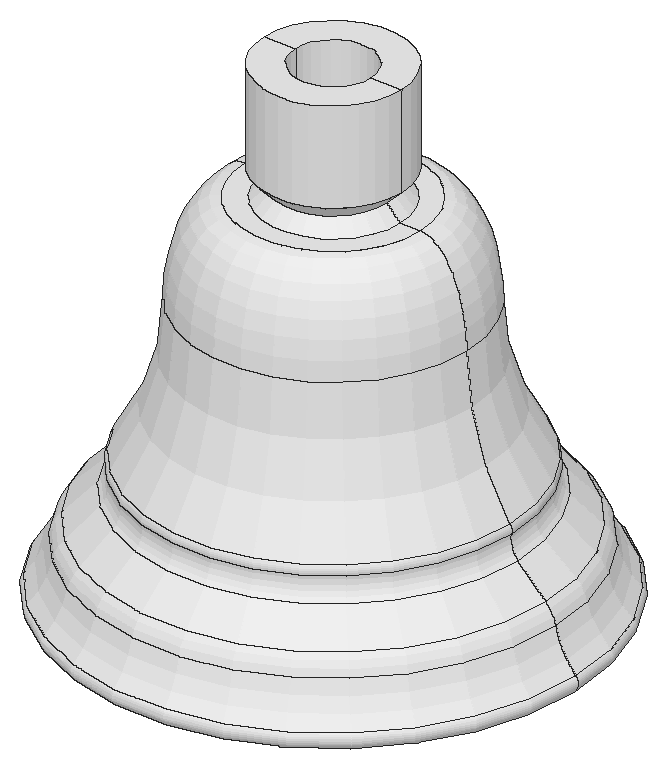
Revit family "Showerhead-American_Standard-FloWise-1660.111", category Plumbing Fixtures, Revit 2019
Family settings
  Round Connector Dimension = Use Diameter
  Part Type = Normal
  OmniClass Number = 23.45.05.14.17
  OmniClass Title = Showers
  Work Plane-Based = Yes
  Always vertical = No
  Cut with Voids When Loaded = No
  Shared = Yes
  Room Calculation Point = No
Parameters (values of type "1660.111.002")
  Waste Connection = no
  WFU = 4
  Vent Connection = no
  URL = "https://www.americanstandard-us.com/"
  Tempered Water Connection Diameter = 1/2"
  Tempered Water Connection = yes
  Revised Date = "07/25/2022"
  Product Page URL = "https://www.americanstandard-us.com/Showerheads/FloWise-3-1-4-in-15-GPM-Traditional-Water-Saving-Shower-Head/CHROME-1660111002"
  Product Documentation Link = "https://americanstandard.box.com/shared/static/6bys3s90e7z0uigtrhct9kcjhz9rb6sy.pdf"
  Price = "Prices may vary. Please consult Manufacturer Representative for most up-to-date price list."  # constant formula
  Optional 1660.242- Square Cast Shower Arm = no
  Optional 1660.241- Modern Shower Arm and Flange = no
  Optional 1660.240- Standard Shower Arm and Flange = no
  Model = "1660.111.002"
  Material = "Plastic-American Standard-002-Polished Chrome"
  Manufacturer = "American Standard"
  Length = 3 3/16"
  HWFU = 3
  HW Connection = no
  Flow Rate = "1.5 gpm"
  Finish = Plastic-American Standard-002-Polished Chrome
  Diameter = 3 1/4"
  Description = "FloWise 3-1/4-in. 1.5 GPM Traditional Water-Saving Shower Head"
  Default Elevation = 0"
  Compliance Certifications = "ASME A112.18.1, CSA 125, CUPC Green & EPA WaterSense Certified"
  CalGreen Compliant = yes
  CWFU = 3
  CW Connection = no
  CEC Compliant = yes
  Assembly Code = "D2010710"
Reference planes (in)
  plane 1 "Center (Front/Back)": y = 0
  plane 2: z = 0
  plane 3 "Center (Left/Right)": x = 0
  plane 4: x = -1.625
  plane 5: x = 1.625
  plane 6: z = 3.1875
Forms (in)
  Revolve 1, solid, material "Plastic-American Standard-002-Polished Chrome" <- "Finish"
    sketch origin (0, 0, 0) x (1, 0, 0) y (0, 0, 1)
      loop
        line (0, 1.49587) -> (0.34326, 1.49587) -> (0.34326, 0.11775) -> (1.24951, 0.11775) -> (1.24951, 0.2542) -> (1.31918, 0.2542) -> (1.36141, 0.09658)
        arc (1.36141, 0.09658) -> (1.40795, 0.02693) -> (1.48727, 0) r 0.1303
        line (1.48727, 0) -> (1.56842, 0)
        arc (1.56842, 0) -> (1.62109, 0.04195) -> (1.6078, 0.10796) r 0.06458
        arc (1.6078, 0.10796) -> (1.52517, 0.22471) -> (1.47564, 0.35888) r 0.5469
        arc (1.47564, 0.35888) -> (1.45126, 0.42301) -> (1.41004, 0.47785) r 0.24457
        line (1.41004, 0.47785) -> (1.2256, 0.66229)
        arc (1.2256, 0.66229) -> (1.18639, 0.72944) -> (1.18527, 0.8072) r 0.15297
        arc (1.18527, 0.8072) -> (1.18611, 0.83647) -> (1.17475, 0.86345) r 0.06901
        arc (1.17475, 0.86345) -> (0.95761, 1.30244) -> (0.88291, 1.78647) r 1.60558
        spline (0.88291, 1.78647) -> (0.88031, 1.86553) -> (0.87257, 1.94325) -> (0.85981, 2.01827) -> (0.84225, 2.08934) -> (0.82019, 2.15522) -> (0.79402, 2.21479) -> (0.76417, 2.26703) -> (0.73116, 2.31105) -> (0.69555, 2.34609) -> (0.65796, 2.37156) -> (0.61903, 2.38702) -> (0.57941, 2.3922)
        line (0.57941, 2.3922) -> (0.44303, 2.3922) -> (0.35528, 2.47996) -> (0.4547, 2.57938) -> (0.4547, 3.1875) -> (0.25, 3.1875) -> (0.25, 1.65283) -> (0, 1.65283) -> (0, 1.49587)
      axis (0, 3.1875) -> (0, 0)
    angle from 0 to 360
  Extrusion 2, solid, material "Plastic-American Standard-002-Polished Chrome" <- "Finish"
    sketch origin (0, 0, 0) x (1, 0, 0) y (0, 1, 0)
      loop
        arc (-0.04379, 0.0446) -> (-0.05413, 0.03125) -> (-0.06052, 0.01563) r 0.0625
        line (-0.06052, 0.01563) -> (-0.24951, 0.01563)
        arc (-0.24951, 0.01563) -> (-0.25, 0) -> (-0.24951, -0.01562) r 0.25
        line (-0.24951, -0.01562) -> (-0.06052, -0.01563)
        arc (-0.06052, -0.01563) -> (-0.05413, -0.03125) -> (-0.04379, -0.0446) r 0.0625
        line (-0.04379, -0.0446) -> (-0.13829, -0.20827)
        arc (-0.13829, -0.20827) -> (-0.125, -0.21651) -> (-0.11122, -0.2239) r 0.25
        line (-0.11122, -0.2239) -> (-0.01673, -0.06022)
        arc (-0.01673, -0.06022) -> (0, -0.0625) -> (0.01673, -0.06022) r 0.0625
        line (0.01673, -0.06022) -> (0.11122, -0.2239)
        arc (0.11122, -0.2239) -> (0.125, -0.21651) -> (0.13829, -0.20827) r 0.25
        line (0.13829, -0.20827) -> (0.04379, -0.0446)
        arc (0.04379, -0.0446) -> (0.05413, -0.03125) -> (0.06052, -0.01563) r 0.0625
        line (0.06052, -0.01563) -> (0.24951, -0.01563)
        arc (0.24951, -0.01563) -> (0.25, 0) -> (0.24951, 0.01562) r 0.25
        line (0.24951, 0.01562) -> (0.06052, 0.01562)
        arc (0.06052, 0.01562) -> (0.05413, 0.03125) -> (0.04379, 0.0446) r 0.0625
        line (0.04379, 0.0446) -> (0.13829, 0.20827)
        arc (0.13829, 0.20827) -> (0.125, 0.21651) -> (0.11122, 0.2239) r 0.25
        line (0.11122, 0.2239) -> (0.01673, 0.06022)
        arc (0.01673, 0.06022) -> (0, 0.0625) -> (-0.01673, 0.06022) r 0.0625
        line (-0.01673, 0.06022) -> (-0.11122, 0.2239)
        arc (-0.11122, 0.2239) -> (-0.125, 0.21651) -> (-0.13829, 0.20827) r 0.25
        line (-0.13829, 0.20827) -> (-0.04379, 0.0446)
    from 0.15233 to 1.49587
Lines and regions (in)
  Masking region 1
    outline origin (0, 0, 0) x (1, 0, 0) y (0, 1, 0)
      loop
        circle (0, 0) r 1.625
  symbolic lines, detail levels fine
    curve 1: circle (0, 0, 0) r 1.20931 normal (0, 0, -1)
    curve 5: arc (0.84449, 0, 0) -> (0, 0.84449, 0) -> (-0.84449, 0, 0) r 0.84449
    curve 6: arc (-0.84449, 0, 0) -> (0, -0.84449, 0) -> (0.84449, 0, 0) r 0.84449
  symbolic lines, detail levels medium+fine
    curve 2: arc (0.41032, 0, 0) -> (0, -0.41032, 0) -> (-0.41032, 0, 0) r 0.41032
    curve 3: arc (-0.41032, 0, 0) -> (0, 0.41032, 0) -> (0.41032, 0, 0) r 0.41032
    curve 4: arc (-0.25, 0, 0) -> (0, -0.25, 0) -> (0.25, 0, 0) r 0.25
Dimensions and locks (in)
  "Diameter": plane 5 to plane 4
  equal spacing: plane 5, plane 3 "Center (Left/Right)", plane 4
  "Length": plane 6 to level
  Extrusion 2 sketch curve to Extrusion 2 sketch curve to plane 1 "Center (Front/Back)" to Extrusion 2 sketch curve to Extrusion 2 sketch curve = 0" locked, 1/64" locked, 1/64" locked, 0" locked
  Extrusion 2 sketch curve to Extrusion 2 sketch curve to plane 3 "Center (Left/Right)" to Extrusion 2 sketch curve to Extrusion 2 sketch curve = 0" locked, 1/64" locked, 1/64" locked, 0" locked  (x2)
  aligned and locked: plane 1 "Center (Front/Back)" to Extrusion 2 sketch curve  (x12)
  aligned and locked: plane 3 "Center (Left/Right)" to Extrusion 2 sketch curve  (x12)
  aligned and locked: Revolve 1 sketch curve to plane 6
Automatic sketch dimensions
  Extrusion 2 sketch curve to Extrusion 2 sketch curve = 0"  (x3)
  Extrusion 2 sketch curve to Extrusion 2 sketch curve = 1/64"  (x4)
  Extrusion 2 sketch curve to plane 3 "Center (Left/Right)" = 0.01673"  (x2)
  Extrusion 2 sketch curve to Extrusion 2 sketch curve = 0.02706"  (x2)
  Extrusion 2 sketch curve to Extrusion 2 sketch curve = 0.11122"  (x3)
  Extrusion 2 sketch curve to plane 3 "Center (Left/Right)" = 0.11122"
  Extrusion 2 sketch curve to plane 3 "Center (Left/Right)" = 0.13829"
  Masking region 1 sketch curve to Masking region 1 sketch curve = 0"  (x2)
  plane 1 "Center (Front/Back)" to Masking region 1 sketch curve = 0"
  Masking region 1 sketch curve to plane 4 = 0"
  Masking region 1 sketch curve to plane 3 "Center (Left/Right)" = 0"
  Revolve 1 sketch curve to plane 3 "Center (Left/Right)" = 0"  (x2)
  Revolve 1 sketch curve to level = 0"
  plane 3 "Center (Left/Right)" to Revolve 1 sketch curve = 0.34326"
  plane 3 "Center (Left/Right)" to Revolve 1 sketch curve = 1/4"
  plane 3 "Center (Left/Right)" to Revolve 1 sketch curve = 0.35528"
  Revolve 1 sketch curve to Revolve 1 sketch curve = 0.08775"  (x2)
  Revolve 1 sketch curve to Revolve 1 sketch curve = 0.09942"
  Revolve 1 sketch curve to Revolve 1 sketch curve = 0.13638"
  plane 5 to Revolve 1 sketch curve = 0.50672"
  Revolve 1 sketch curve to Revolve 1 sketch curve = 0.10732"
  Revolve 1 sketch curve to Revolve 1 sketch curve = 0.0115"
  Revolve 1 sketch curve to Revolve 1 sketch curve = 0.01241"
  Revolve 1 sketch curve to Revolve 1 sketch curve = 0.06967"
  Revolve 1 sketch curve to Revolve 1 sketch curve = 0.10817"  (x2)
  level to Revolve 1 sketch curve = 0.09658"
  Revolve 1 sketch curve to Revolve 1 sketch curve = 0.1119"
  plane 5 to Revolve 1 sketch curve = 0.21496"
  level to Revolve 1 sketch curve = 0.1303"
  plane 5 to Revolve 1 sketch curve = 0.06458"
  plane 5 to Revolve 1 sketch curve = 0.05658"
  Revolve 1 sketch curve to plane 5 = 0.38406"
  Revolve 1 sketch curve to plane 5 = 0.86349"
  level to Revolve 1 sketch curve = 0.06408"
  level to Revolve 1 sketch curve = 0.11775"
  Revolve 1 sketch curve to Revolve 1 sketch curve = 0.13645"
  Revolve 1 sketch curve to Revolve 1 sketch curve = 0.05071"
  Revolve 1 sketch curve to Revolve 1 sketch curve = 0.22365"
  level to Revolve 1 sketch curve = 0.47957"
  Revolve 1 sketch curve to Revolve 1 sketch curve = 0.18444"
  Revolve 1 sketch curve to Revolve 1 sketch curve = 0.16149"
  Revolve 1 sketch curve to Revolve 1 sketch curve = 0.6721"
  Revolve 1 sketch curve to Revolve 1 sketch curve = 0.15696"
  Revolve 1 sketch curve to Revolve 1 sketch curve = 1.3069"
  Revolve 1 sketch curve to Revolve 1 sketch curve = 0.60573"
  Revolve 1 sketch curve to Revolve 1 sketch curve = 0.3035"
  Revolve 1 sketch curve to Revolve 1 sketch curve = 0"  (x2)
  Revolve 1 sketch curve to level = 1/4"
  Revolve 1 sketch curve to Revolve 1 sketch curve = 0.75327"
  curve 1 to curve 2 = 0"  (x2)
  curve 1 to curve 3 = 0"  (x2)
  curve 1 to curve 4 = 0"  (x2)
  curve 1 to curve 5 = 0"  (x2)
  curve 1 to curve 6 = 0"  (x2)
  curve 2 to curve 3 = 0"  (x2)
  curve 2 to curve 4 = 0"  (x2)
  curve 2 to curve 5 = 0"  (x2)
  curve 2 to curve 6 = 0"  (x2)
  curve 3 to curve 4 = 0"  (x2)
  curve 3 to curve 5 = 0"  (x2)
  curve 3 to curve 6 = 0"  (x2)
  curve 4 to curve 5 = 0"  (x2)
  curve 4 to curve 6 = 0"  (x2)
  curve 5 to curve 6 = 0"  (x2)
  plane 1 "Center (Front/Back)" to curve 6 = 0"
  curve 6 to plane 3 "Center (Left/Right)" = 0"
  curve 4 to curve 1 = 1/4"
  curve 2 to curve 4 = 0.16032"
  curve 5 to curve 2 = 0.43416"
  radius of curve 1 = 1.20931"
Connectors (in)
  piping at (0, 0, 3.1875), diameter 0.5, driven by "Tempered Water Connection Diameter"
    settings: on Revolve 1, index 1, connector inside diameter 24", connector length 0", flow factor 0, pipe flow 0 GPM, pressure drop 0.00 psi, fitting loss kfactor 0, connector angle 0.00°, fixture units 0, engagement length 0", angle of deflection 0.00°, flow configuration 0, flow direction 0, fitting loss method 0, system type 7, joint type 0, gender type 0, connector reference index -1, connector utility 0, adjustable connector no, is connector primary yes, connector description ""
